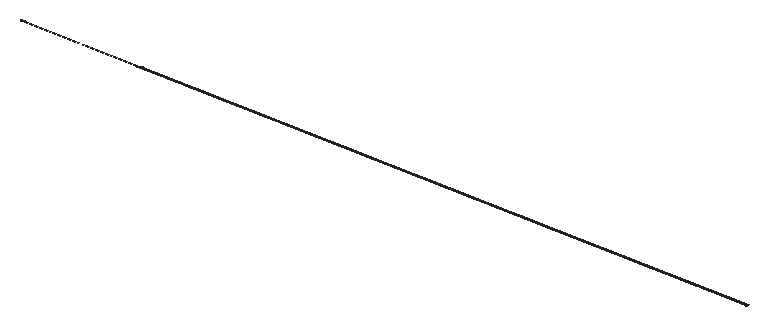
Revit family "Flex Pro IP20_0068175-78", category Lighting Fixtures, host Face, Revit 2017 (continued)
Forms (mm)
  Extrusion 145, solid
    sketch origin (1898.618, 0, 0) x (1, 0, 0) y (0, 1, 0)
      loop
        line (17.4, 1.5) -> (17.4, -1.5) -> (19.5, -1.5) -> (19.5, 1.5) -> (17.4, 1.5)
      loop
        line (34, 1.5) -> (34, -1.5) -> (36.1, -1.5) -> (36.1, 1.5) -> (34, 1.5)
      loop
        line (42.3, 1.5) -> (42.3, -1.5) -> (44.4, -1.5) -> (44.4, 1.5) -> (42.3, 1.5)
    from -1.2 to -0.5
  Extrusion 146, solid
    sketch origin (1948.582, 0, 0) x (1, 0, 0) y (0, 1, 0)
      loop
        line (9.1, 1.5) -> (9.1, -1.5) -> (11.2, -1.5) -> (11.2, 1.5) -> (9.1, 1.5)
      loop
        line (17.4, 1.5) -> (17.4, -1.5) -> (19.5, -1.5) -> (19.5, 1.5) -> (17.4, 1.5)
      loop
        line (34, 1.5) -> (34, -1.5) -> (36.1, -1.5) -> (36.1, 1.5) -> (34, 1.5)
      loop
        line (42.3, 1.5) -> (42.3, -1.5) -> (44.4, -1.5) -> (44.4, 1.5) -> (42.3, 1.5)
    from -1.2 to -0.5
  Extrusion 147, solid
    sketch origin (1998.545, 0, 0) x (1, 0, 0) y (0, 1, 0)
      loop
        line (9.1, 1.5) -> (9.1, -1.5) -> (11.2, -1.5) -> (11.2, 1.5) -> (9.1, 1.5)
      loop
        line (17.4, 1.5) -> (17.4, -1.5) -> (19.5, -1.5) -> (19.5, 1.5) -> (17.4, 1.5)
      loop
        line (34, 1.5) -> (34, -1.5) -> (36.1, -1.5) -> (36.1, 1.5) -> (34, 1.5)
      loop
        line (42.3, 1.5) -> (42.3, -1.5) -> (44.4, -1.5) -> (44.4, 1.5) -> (42.3, 1.5)
    from -1.2 to -0.5
  Extrusion 148, solid
    sketch origin (2048.509, 0, 0) x (1, 0, 0) y (0, 1, 0)
      loop
        line (9.1, 1.5) -> (9.1, -1.5) -> (11.2, -1.5) -> (11.2, 1.5) -> (9.1, 1.5)
      loop
        line (17.4, 1.5) -> (17.4, -1.5) -> (19.5, -1.5) -> (19.5, 1.5) -> (17.4, 1.5)
      loop
        line (34, 1.5) -> (34, -1.5) -> (36.1, -1.5) -> (36.1, 1.5) -> (34, 1.5)
      loop
        line (42.3, 1.5) -> (42.3, -1.5) -> (44.4, -1.5) -> (44.4, 1.5) -> (42.3, 1.5)
    from -1.2 to -0.5
  Extrusion 149, solid
    sketch origin (2098.473, 0, 0) x (1, 0, 0) y (0, 1, 0)
      loop
        line (9.1, 1.5) -> (9.1, -1.5) -> (11.2, -1.5) -> (11.2, 1.5) -> (9.1, 1.5)
      loop
        line (17.4, 1.5) -> (17.4, -1.5) -> (19.5, -1.5) -> (19.5, 1.5) -> (17.4, 1.5)
      loop
        line (34, 1.5) -> (34, -1.5) -> (36.1, -1.5) -> (36.1, 1.5) -> (34, 1.5)
      loop
        line (42.3, 1.5) -> (42.3, -1.5) -> (44.4, -1.5) -> (44.4, 1.5) -> (42.3, 1.5)
    from -1.2 to -0.5
  Extrusion 150, solid
    sketch origin (2148.436, 0, 0) x (1, 0, 0) y (0, 1, 0)
      loop
        line (9.1, 1.5) -> (9.1, -1.5) -> (11.2, -1.5) -> (11.2, 1.5) -> (9.1, 1.5)
      loop
        line (17.4, 1.5) -> (17.4, -1.5) -> (19.5, -1.5) -> (19.5, 1.5) -> (17.4, 1.5)
      loop
        line (34, 1.5) -> (34, -1.5) -> (36.1, -1.5) -> (36.1, 1.5) -> (34, 1.5)
      loop
        line (42.3, 1.5) -> (42.3, -1.5) -> (44.4, -1.5) -> (44.4, 1.5) -> (42.3, 1.5)
    from -1.2 to -0.5
  Extrusion 151, solid
    sketch origin (2198.4, 0, 0) x (1, 0, 0) y (0, 1, 0)
      loop
        line (9.1, 1.5) -> (9.1, -1.5) -> (11.2, -1.5) -> (11.2, 1.5) -> (9.1, 1.5)
      loop
        line (17.4, 1.5) -> (17.4, -1.5) -> (19.5, -1.5) -> (19.5, 1.5) -> (17.4, 1.5)
      loop
        line (34, 1.5) -> (34, -1.5) -> (36.1, -1.5) -> (36.1, 1.5) -> (34, 1.5)
      loop
        line (42.3, 1.5) -> (42.3, -1.5) -> (44.4, -1.5) -> (44.4, 1.5) -> (42.3, 1.5)
    from -1.2 to -0.5
  Extrusion 152, solid
    sketch origin (2248.364, 0, 0) x (1, 0, 0) y (0, 1, 0)
      loop
        line (9.1, 1.5) -> (9.1, -1.5) -> (11.2, -1.5) -> (11.2, 1.5) -> (9.1, 1.5)
      loop
        line (17.4, 1.5) -> (17.4, -1.5) -> (19.5, -1.5) -> (19.5, 1.5) -> (17.4, 1.5)
      loop
        line (34, 1.5) -> (34, -1.5) -> (36.1, -1.5) -> (36.1, 1.5) -> (34, 1.5)
      loop
        line (42.3, 1.5) -> (42.3, -1.5) -> (44.4, -1.5) -> (44.4, 1.5) -> (42.3, 1.5)
    from -1.2 to -0.5
  Extrusion 153, solid
    sketch origin (2298.327, 0, 0) x (1, 0, 0) y (0, 1, 0)
      loop
        line (9.1, 1.5) -> (9.1, -1.5) -> (11.2, -1.5) -> (11.2, 1.5) -> (9.1, 1.5)
      loop
        line (17.4, 1.5) -> (17.4, -1.5) -> (19.5, -1.5) -> (19.5, 1.5) -> (17.4, 1.5)
      loop
        line (34, 1.5) -> (34, -1.5) -> (36.1, -1.5) -> (36.1, 1.5) -> (34, 1.5)
      loop
        line (42.3, 1.5) -> (42.3, -1.5) -> (44.4, -1.5) -> (44.4, 1.5) -> (42.3, 1.5)
    from -1.2 to -0.5
  Extrusion 154, solid
    sketch origin (2348.291, 0, 0) x (1, 0, 0) y (0, 1, 0)
      loop
        line (9.1, 1.5) -> (9.1, -1.5) -> (11.2, -1.5) -> (11.2, 1.5) -> (9.1, 1.5)
      loop
        line (17.4, 1.5) -> (17.4, -1.5) -> (19.5, -1.5) -> (19.5, 1.5) -> (17.4, 1.5)
      loop
        line (34, 1.5) -> (34, -1.5) -> (36.1, -1.5) -> (36.1, 1.5) -> (34, 1.5)
      loop
        line (42.3, 1.5) -> (42.3, -1.5) -> (44.4, -1.5) -> (44.4, 1.5) -> (42.3, 1.5)
    from -1.2 to -0.5
  Extrusion 155, solid
    sketch origin (2398.255, 0, 0) x (1, 0, 0) y (0, 1, 0)
      loop
        line (9.1, 1.5) -> (9.1, -1.5) -> (11.2, -1.5) -> (11.2, 1.5) -> (9.1, 1.5)
      loop
        line (17.4, 1.5) -> (17.4, -1.5) -> (19.5, -1.5) -> (19.5, 1.5) -> (17.4, 1.5)
      loop
        line (34, 1.5) -> (34, -1.5) -> (36.1, -1.5) -> (36.1, 1.5) -> (34, 1.5)
      loop
        line (42.3, 1.5) -> (42.3, -1.5) -> (44.4, -1.5) -> (44.4, 1.5) -> (42.3, 1.5)
    from -1.2 to -0.5
  Extrusion 156, solid
    sketch origin (2448.218, 0, 0) x (1, 0, 0) y (0, 1, 0)
      loop
        line (9.1, 1.5) -> (9.1, -1.5) -> (11.2, -1.5) -> (11.2, 1.5) -> (9.1, 1.5)
      loop
        line (17.4, 1.5) -> (17.4, -1.5) -> (19.5, -1.5) -> (19.5, 1.5) -> (17.4, 1.5)
      loop
        line (34, 1.5) -> (34, -1.5) -> (36.1, -1.5) -> (36.1, 1.5) -> (34, 1.5)
      loop
        line (42.3, 1.5) -> (42.3, -1.5) -> (44.4, -1.5) -> (44.4, 1.5) -> (42.3, 1.5)
    from -1.2 to -0.5
  Extrusion 157, solid
    sketch origin (2498.182, 0, 0) x (1, 0, 0) y (0, 1, 0)
      loop
        line (9.1, 1.5) -> (9.1, -1.5) -> (11.2, -1.5) -> (11.2, 1.5) -> (9.1, 1.5)
      loop
        line (17.4, 1.5) -> (17.4, -1.5) -> (19.5, -1.5) -> (19.5, 1.5) -> (17.4, 1.5)
      loop
        line (34, 1.5) -> (34, -1.5) -> (36.1, -1.5) -> (36.1, 1.5) -> (34, 1.5)
      loop
        line (42.3, 1.5) -> (42.3, -1.5) -> (44.4, -1.5) -> (44.4, 1.5) -> (42.3, 1.5)
    from -1.2 to -0.5
  Extrusion 158, solid
    sketch origin (2548.145, 0, 0) x (1, 0, 0) y (0, 1, 0)
      loop
        line (9.1, 1.5) -> (9.1, -1.5) -> (11.2, -1.5) -> (11.2, 1.5) -> (9.1, 1.5)
      loop
        line (17.4, 1.5) -> (17.4, -1.5) -> (19.5, -1.5) -> (19.5, 1.5) -> (17.4, 1.5)
      loop
        line (34, 1.5) -> (34, -1.5) -> (36.1, -1.5) -> (36.1, 1.5) -> (34, 1.5)
      loop
        line (42.3, 1.5) -> (42.3, -1.5) -> (44.4, -1.5) -> (44.4, 1.5) -> (42.3, 1.5)
    from -1.2 to -0.5
  Extrusion 159, solid
    sketch origin (2598.109, 0, 0) x (1, 0, 0) y (0, 1, 0)
      loop
        line (9.1, 1.5) -> (9.1, -1.5) -> (11.2, -1.5) -> (11.2, 1.5) -> (9.1, 1.5)
      loop
        line (17.4, 1.5) -> (17.4, -1.5) -> (19.5, -1.5) -> (19.5, 1.5) -> (17.4, 1.5)
      loop
        line (34, 1.5) -> (34, -1.5) -> (36.1, -1.5) -> (36.1, 1.5) -> (34, 1.5)
      loop
        line (42.3, 1.5) -> (42.3, -1.5) -> (44.4, -1.5) -> (44.4, 1.5) -> (42.3, 1.5)
    from -1.2 to -0.5
  Extrusion 160, solid
    sketch origin (2648.073, 0, 0) x (1, 0, 0) y (0, 1, 0)
      loop
        line (9.1, 1.5) -> (9.1, -1.5) -> (11.2, -1.5) -> (11.2, 1.5) -> (9.1, 1.5)
      loop
        line (17.4, 1.5) -> (17.4, -1.5) -> (19.5, -1.5) -> (19.5, 1.5) -> (17.4, 1.5)
      loop
        line (34, 1.5) -> (34, -1.5) -> (36.1, -1.5) -> (36.1, 1.5) -> (34, 1.5)
      loop
        line (42.3, 1.5) -> (42.3, -1.5) -> (44.4, -1.5) -> (44.4, 1.5) -> (42.3, 1.5)
    from -1.2 to -0.5
  Extrusion 161, solid
    sketch origin (2698.036, 0, 0) x (1, 0, 0) y (0, 1, 0)
      loop
        line (9.1, 1.5) -> (9.1, -1.5) -> (11.2, -1.5) -> (11.2, 1.5) -> (9.1, 1.5)
      loop
        line (17.4, 1.5) -> (17.4, -1.5) -> (19.5, -1.5) -> (19.5, 1.5) -> (17.4, 1.5)
      loop
        line (34, 1.5) -> (34, -1.5) -> (36.1, -1.5) -> (36.1, 1.5) -> (34, 1.5)
      loop
        line (42.3, 1.5) -> (42.3, -1.5) -> (44.4, -1.5) -> (44.4, 1.5) -> (42.3, 1.5)
    from -1.2 to -0.5
  Extrusion 162, solid
    sketch origin (2748, 0, 0) x (1, 0, 0) y (0, 1, 0)
      loop
        line (9.1, 1.5) -> (9.1, -1.5) -> (11.2, -1.5) -> (11.2, 1.5) -> (9.1, 1.5)
      loop
        line (17.4, 1.5) -> (17.4, -1.5) -> (19.5, -1.5) -> (19.5, 1.5) -> (17.4, 1.5)
      loop
        line (34, 1.5) -> (34, -1.5) -> (36.1, -1.5) -> (36.1, 1.5) -> (34, 1.5)
      loop
        line (42.3, 1.5) -> (42.3, -1.5) -> (44.4, -1.5) -> (44.4, 1.5) -> (42.3, 1.5)
    from -1.2 to -0.5
  Extrusion 163, solid
    sketch origin (2797.964, 0, 0) x (1, 0, 0) y (0, 1, 0)
      loop
        line (9.1, 1.5) -> (9.1, -1.5) -> (11.2, -1.5) -> (11.2, 1.5) -> (9.1, 1.5)
      loop
        line (17.4, 1.5) -> (17.4, -1.5) -> (19.5, -1.5) -> (19.5, 1.5) -> (17.4, 1.5)
      loop
        line (34, 1.5) -> (34, -1.5) -> (36.1, -1.5) -> (36.1, 1.5) -> (34, 1.5)
      loop
        line (42.3, 1.5) -> (42.3, -1.5) -> (44.4, -1.5) -> (44.4, 1.5) -> (42.3, 1.5)
    from -1.2 to -0.5
  Extrusion 164, solid
    sketch origin (2847.927, 0, 0) x (1, 0, 0) y (0, 1, 0)
      loop
        line (9.1, 1.5) -> (9.1, -1.5) -> (11.2, -1.5) -> (11.2, 1.5) -> (9.1, 1.5)
      loop
        line (17.4, 1.5) -> (17.4, -1.5) -> (19.5, -1.5) -> (19.5, 1.5) -> (17.4, 1.5)
      loop
        line (34, 1.5) -> (34, -1.5) -> (36.1, -1.5) -> (36.1, 1.5) -> (34, 1.5)
      loop
        line (42.3, 1.5) -> (42.3, -1.5) -> (44.4, -1.5) -> (44.4, 1.5) -> (42.3, 1.5)
    from -1.2 to -0.5
  Extrusion 165, solid
    sketch origin (2897.891, 0, 0) x (1, 0, 0) y (0, 1, 0)
      loop
        line (9.1, 1.5) -> (9.1, -1.5) -> (11.2, -1.5) -> (11.2, 1.5) -> (9.1, 1.5)
      loop
        line (17.4, 1.5) -> (17.4, -1.5) -> (19.5, -1.5) -> (19.5, 1.5) -> (17.4, 1.5)
      loop
        line (34, 1.5) -> (34, -1.5) -> (36.1, -1.5) -> (36.1, 1.5) -> (34, 1.5)
      loop
        line (42.3, 1.5) -> (42.3, -1.5) -> (44.4, -1.5) -> (44.4, 1.5) -> (42.3, 1.5)
    from -1.2 to -0.5
  Extrusion 166, solid
    sketch origin (2947.855, 0, 0) x (1, 0, 0) y (0, 1, 0)
      loop
        line (9.1, 1.5) -> (9.1, -1.5) -> (11.2, -1.5) -> (11.2, 1.5) -> (9.1, 1.5)
      loop
        line (17.4, 1.5) -> (17.4, -1.5) -> (19.5, -1.5) -> (19.5, 1.5) -> (17.4, 1.5)
      loop
        line (34, 1.5) -> (34, -1.5) -> (36.1, -1.5) -> (36.1, 1.5) -> (34, 1.5)
      loop
        line (42.3, 1.5) -> (42.3, -1.5) -> (44.4, -1.5) -> (44.4, 1.5) -> (42.3, 1.5)
    from -1.2 to -0.5
  Extrusion 167, solid
    sketch origin (2997.818, 0, 0) x (1, 0, 0) y (0, 1, 0)
      loop
        line (9.1, 1.5) -> (9.1, -1.5) -> (11.2, -1.5) -> (11.2, 1.5) -> (9.1, 1.5)
      loop
        line (17.4, 1.5) -> (17.4, -1.5) -> (19.5, -1.5) -> (19.5, 1.5) -> (17.4, 1.5)
      loop
        line (34, 1.5) -> (34, -1.5) -> (36.1, -1.5) -> (36.1, 1.5) -> (34, 1.5)
      loop
        line (42.3, 1.5) -> (42.3, -1.5) -> (44.4, -1.5) -> (44.4, 1.5) -> (42.3, 1.5)
    from -1.2 to -0.5
  Extrusion 168, solid
    sketch origin (3047.782, 0, 0) x (1, 0, 0) y (0, 1, 0)
      loop
        line (9.1, 1.5) -> (9.1, -1.5) -> (11.2, -1.5) -> (11.2, 1.5) -> (9.1, 1.5)
      loop
        line (17.4, 1.5) -> (17.4, -1.5) -> (19.5, -1.5) -> (19.5, 1.5) -> (17.4, 1.5)
      loop
        line (34, 1.5) -> (34, -1.5) -> (36.1, -1.5) -> (36.1, 1.5) -> (34, 1.5)
      loop
        line (42.3, 1.5) -> (42.3, -1.5) -> (44.4, -1.5) -> (44.4, 1.5) -> (42.3, 1.5)
    from -1.2 to -0.5
  Extrusion 169, solid
    sketch origin (3097.745, 0, 0) x (1, 0, 0) y (0, 1, 0)
      loop
        line (9.1, 1.5) -> (9.1, -1.5) -> (11.2, -1.5) -> (11.2, 1.5) -> (9.1, 1.5)
      loop
        line (17.4, 1.5) -> (17.4, -1.5) -> (19.5, -1.5) -> (19.5, 1.5) -> (17.4, 1.5)
      loop
        line (34, 1.5) -> (34, -1.5) -> (36.1, -1.5) -> (36.1, 1.5) -> (34, 1.5)
      loop
        line (42.3, 1.5) -> (42.3, -1.5) -> (44.4, -1.5) -> (44.4, 1.5) -> (42.3, 1.5)
    from -1.2 to -0.5
  Extrusion 170, solid
    sketch origin (3147.709, 0, 0) x (1, 0, 0) y (0, 1, 0)
      loop
        line (9.1, 1.5) -> (9.1, -1.5) -> (11.2, -1.5) -> (11.2, 1.5) -> (9.1, 1.5)
      loop
        line (17.4, 1.5) -> (17.4, -1.5) -> (19.5, -1.5) -> (19.5, 1.5) -> (17.4, 1.5)
      loop
        line (34, 1.5) -> (34, -1.5) -> (36.1, -1.5) -> (36.1, 1.5) -> (34, 1.5)
      loop
        line (42.3, 1.5) -> (42.3, -1.5) -> (44.4, -1.5) -> (44.4, 1.5) -> (42.3, 1.5)
    from -1.2 to -0.5
  Extrusion 171, solid
    sketch origin (3197.673, 0, 0) x (1, 0, 0) y (0, 1, 0)
      loop
        line (9.1, 1.5) -> (9.1, -1.5) -> (11.2, -1.5) -> (11.2, 1.5) -> (9.1, 1.5)
      loop
        line (17.4, 1.5) -> (17.4, -1.5) -> (19.5, -1.5) -> (19.5, 1.5) -> (17.4, 1.5)
      loop
        line (34, 1.5) -> (34, -1.5) -> (36.1, -1.5) -> (36.1, 1.5) -> (34, 1.5)
      loop
        line (42.3, 1.5) -> (42.3, -1.5) -> (44.4, -1.5) -> (44.4, 1.5) -> (42.3, 1.5)
    from -1.2 to -0.5
  Extrusion 172, solid
    sketch origin (3247.636, 0, 0) x (1, 0, 0) y (0, 1, 0)
      loop
        line (9.1, 1.5) -> (9.1, -1.5) -> (11.2, -1.5) -> (11.2, 1.5) -> (9.1, 1.5)
      loop
        line (17.4, 1.5) -> (17.4, -1.5) -> (19.5, -1.5) -> (19.5, 1.5) -> (17.4, 1.5)
      loop
        line (34, 1.5) -> (34, -1.5) -> (36.1, -1.5) -> (36.1, 1.5) -> (34, 1.5)
      loop
        line (42.3, 1.5) -> (42.3, -1.5) -> (44.4, -1.5) -> (44.4, 1.5) -> (42.3, 1.5)
    from -1.2 to -0.5
  Extrusion 173, solid
    sketch origin (3297.6, 0, 0) x (1, 0, 0) y (0, 1, 0)
      loop
        line (9.1, 1.5) -> (9.1, -1.5) -> (11.2, -1.5) -> (11.2, 1.5) -> (9.1, 1.5)
      loop
        line (17.4, 1.5) -> (17.4, -1.5) -> (19.5, -1.5) -> (19.5, 1.5) -> (17.4, 1.5)
      loop
        line (34, 1.5) -> (34, -1.5) -> (36.1, -1.5) -> (36.1, 1.5) -> (34, 1.5)
      loop
        line (42.3, 1.5) -> (42.3, -1.5) -> (44.4, -1.5) -> (44.4, 1.5) -> (42.3, 1.5)
    from -1.2 to -0.5
  Extrusion 174, solid
    sketch origin (3347.564, 0, 0) x (1, 0, 0) y (0, 1, 0)
      loop
        line (9.1, 1.5) -> (9.1, -1.5) -> (11.2, -1.5) -> (11.2, 1.5) -> (9.1, 1.5)
      loop
        line (17.4, 1.5) -> (17.4, -1.5) -> (19.5, -1.5) -> (19.5, 1.5) -> (17.4, 1.5)
      loop
        line (34, 1.5) -> (34, -1.5) -> (36.1, -1.5) -> (36.1, 1.5) -> (34, 1.5)
      loop
        line (42.3, 1.5) -> (42.3, -1.5) -> (44.4, -1.5) -> (44.4, 1.5) -> (42.3, 1.5)
    from -1.2 to -0.5
  Extrusion 175, solid
    sketch origin (3397.527, 0, 0) x (1, 0, 0) y (0, 1, 0)
      loop
        line (9.1, 1.5) -> (9.1, -1.5) -> (11.2, -1.5) -> (11.2, 1.5) -> (9.1, 1.5)
      loop
        line (17.4, 1.5) -> (17.4, -1.5) -> (19.5, -1.5) -> (19.5, 1.5) -> (17.4, 1.5)
      loop
        line (34, 1.5) -> (34, -1.5) -> (36.1, -1.5) -> (36.1, 1.5) -> (34, 1.5)
      loop
        line (42.3, 1.5) -> (42.3, -1.5) -> (44.4, -1.5) -> (44.4, 1.5) -> (42.3, 1.5)
    from -1.2 to -0.5
  Extrusion 176, solid
    sketch origin (3447.491, 0, 0) x (1, 0, 0) y (0, 1, 0)
      loop
        line (9.1, 1.5) -> (9.1, -1.5) -> (11.2, -1.5) -> (11.2, 1.5) -> (9.1, 1.5)
      loop
        line (17.4, 1.5) -> (17.4, -1.5) -> (19.5, -1.5) -> (19.5, 1.5) -> (17.4, 1.5)
      loop
        line (34, 1.5) -> (34, -1.5) -> (36.1, -1.5) -> (36.1, 1.5) -> (34, 1.5)
      loop
        line (42.3, 1.5) -> (42.3, -1.5) -> (44.4, -1.5) -> (44.4, 1.5) -> (42.3, 1.5)
    from -1.2 to -0.5
  Extrusion 177, solid
    sketch origin (3497.455, 0, 0) x (1, 0, 0) y (0, 1, 0)
      loop
        line (9.1, 1.5) -> (9.1, -1.5) -> (11.2, -1.5) -> (11.2, 1.5) -> (9.1, 1.5)
      loop
        line (17.4, 1.5) -> (17.4, -1.5) -> (19.5, -1.5) -> (19.5, 1.5) -> (17.4, 1.5)
      loop
        line (34, 1.5) -> (34, -1.5) -> (36.1, -1.5) -> (36.1, 1.5) -> (34, 1.5)
      loop
        line (42.3, 1.5) -> (42.3, -1.5) -> (44.4, -1.5) -> (44.4, 1.5) -> (42.3, 1.5)
    from -1.2 to -0.5
  Extrusion 178, solid
    sketch origin (3547.418, 0, 0) x (1, 0, 0) y (0, 1, 0)
      loop
        line (9.1, 1.5) -> (9.1, -1.5) -> (11.2, -1.5) -> (11.2, 1.5) -> (9.1, 1.5)
      loop
        line (17.4, 1.5) -> (17.4, -1.5) -> (19.5, -1.5) -> (19.5, 1.5) -> (17.4, 1.5)
      loop
        line (34, 1.5) -> (34, -1.5) -> (36.1, -1.5) -> (36.1, 1.5) -> (34, 1.5)
      loop
        line (42.3, 1.5) -> (42.3, -1.5) -> (44.4, -1.5) -> (44.4, 1.5) -> (42.3, 1.5)
    from -1.2 to -0.5
  Extrusion 179, solid
    sketch origin (3597.382, 0, 0) x (1, 0, 0) y (0, 1, 0)
      loop
        line (9.1, 1.5) -> (9.1, -1.5) -> (11.2, -1.5) -> (11.2, 1.5) -> (9.1, 1.5)
      loop
        line (17.4, 1.5) -> (17.4, -1.5) -> (19.5, -1.5) -> (19.5, 1.5) -> (17.4, 1.5)
      loop
        line (34, 1.5) -> (34, -1.5) -> (36.1, -1.5) -> (36.1, 1.5) -> (34, 1.5)
      loop
        line (42.3, 1.5) -> (42.3, -1.5) -> (44.4, -1.5) -> (44.4, 1.5) -> (42.3, 1.5)
    from -1.2 to -0.5
  Extrusion 180, solid
    sketch origin (3647.345, 0, 0) x (1, 0, 0) y (0, 1, 0)
      loop
        line (9.1, 1.5) -> (9.1, -1.5) -> (11.2, -1.5) -> (11.2, 1.5) -> (9.1, 1.5)
      loop
        line (17.4, 1.5) -> (17.4, -1.5) -> (19.5, -1.5) -> (19.5, 1.5) -> (17.4, 1.5)
      loop
        line (34, 1.5) -> (34, -1.5) -> (36.1, -1.5) -> (36.1, 1.5) -> (34, 1.5)
      loop
        line (42.3, 1.5) -> (42.3, -1.5) -> (44.4, -1.5) -> (44.4, 1.5) -> (42.3, 1.5)
    from -1.2 to -0.5
  Extrusion 181, solid
    sketch origin (3697.309, 0, 0) x (1, 0, 0) y (0, 1, 0)
      loop
        line (9.1, 1.5) -> (9.1, -1.5) -> (11.2, -1.5) -> (11.2, 1.5) -> (9.1, 1.5)
      loop
        line (17.4, 1.5) -> (17.4, -1.5) -> (19.5, -1.5) -> (19.5, 1.5) -> (17.4, 1.5)
      loop
        line (34, 1.5) -> (34, -1.5) -> (36.1, -1.5) -> (36.1, 1.5) -> (34, 1.5)
      loop
        line (42.3, 1.5) -> (42.3, -1.5) -> (44.4, -1.5) -> (44.4, 1.5) -> (42.3, 1.5)
    from -1.2 to -0.5
  Extrusion 182, solid
    sketch origin (3747.273, 0, 0) x (1, 0, 0) y (0, 1, 0)
      loop
        line (9.1, 1.5) -> (9.1, -1.5) -> (11.2, -1.5) -> (11.2, 1.5) -> (9.1, 1.5)
      loop
        line (17.4, 1.5) -> (17.4, -1.5) -> (19.5, -1.5) -> (19.5, 1.5) -> (17.4, 1.5)
      loop
        line (34, 1.5) -> (34, -1.5) -> (36.1, -1.5) -> (36.1, 1.5) -> (34, 1.5)
      loop
        line (42.3, 1.5) -> (42.3, -1.5) -> (44.4, -1.5) -> (44.4, 1.5) -> (42.3, 1.5)
    from -1.2 to -0.5
  Extrusion 183, solid
    sketch origin (3797.236, 0, 0) x (1, 0, 0) y (0, 1, 0)
      loop
        line (9.1, 1.5) -> (9.1, -1.5) -> (11.2, -1.5) -> (11.2, 1.5) -> (9.1, 1.5)
      loop
        line (17.4, 1.5) -> (17.4, -1.5) -> (19.5, -1.5) -> (19.5, 1.5) -> (17.4, 1.5)
      loop
        line (34, 1.5) -> (34, -1.5) -> (36.1, -1.5) -> (36.1, 1.5) -> (34, 1.5)
      loop
        line (42.3, 1.5) -> (42.3, -1.5) -> (44.4, -1.5) -> (44.4, 1.5) -> (42.3, 1.5)
    from -1.2 to -0.5
  Extrusion 184, solid
    sketch origin (3847.2, 0, 0) x (1, 0, 0) y (0, 1, 0)
      loop
        line (9.1, 1.5) -> (9.1, -1.5) -> (11.2, -1.5) -> (11.2, 1.5) -> (9.1, 1.5)
      loop
        line (17.4, 1.5) -> (17.4, -1.5) -> (19.5, -1.5) -> (19.5, 1.5) -> (17.4, 1.5)
      loop
        line (34, 1.5) -> (34, -1.5) -> (36.1, -1.5) -> (36.1, 1.5) -> (34, 1.5)
      loop
        line (42.3, 1.5) -> (42.3, -1.5) -> (44.4, -1.5) -> (44.4, 1.5) -> (42.3, 1.5)
    from -1.2 to -0.5
  Extrusion 185, solid
    sketch origin (3897.164, 0, 0) x (1, 0, 0) y (0, 1, 0)
      loop
        line (9.1, 1.5) -> (9.1, -1.5) -> (11.2, -1.5) -> (11.2, 1.5) -> (9.1, 1.5)
      loop
        line (17.4, 1.5) -> (17.4, -1.5) -> (19.5, -1.5) -> (19.5, 1.5) -> (17.4, 1.5)
      loop
        line (34, 1.5) -> (34, -1.5) -> (36.1, -1.5) -> (36.1, 1.5) -> (34, 1.5)
      loop
        line (42.3, 1.5) -> (42.3, -1.5) -> (44.4, -1.5) -> (44.4, 1.5) -> (42.3, 1.5)
    from -1.2 to -0.5
  Extrusion 186, solid
    sketch origin (3947.127, 0, 0) x (1, 0, 0) y (0, 1, 0)
      loop
        line (9.1, 1.5) -> (9.1, -1.5) -> (11.2, -1.5) -> (11.2, 1.5) -> (9.1, 1.5)
      loop
        line (17.4, 1.5) -> (17.4, -1.5) -> (19.5, -1.5) -> (19.5, 1.5) -> (17.4, 1.5)
      loop
        line (34, 1.5) -> (34, -1.5) -> (36.1, -1.5) -> (36.1, 1.5) -> (34, 1.5)
      loop
        line (42.3, 1.5) -> (42.3, -1.5) -> (44.4, -1.5) -> (44.4, 1.5) -> (42.3, 1.5)
    from -1.2 to -0.5
  Extrusion 187, solid
    sketch origin (3997.091, 0, 0) x (1, 0, 0) y (0, 1, 0)
      loop
        line (9.1, 1.5) -> (9.1, -1.5) -> (11.2, -1.5) -> (11.2, 1.5) -> (9.1, 1.5)
      loop
        line (17.4, 1.5) -> (17.4, -1.5) -> (19.5, -1.5) -> (19.5, 1.5) -> (17.4, 1.5)
      loop
        line (34, 1.5) -> (34, -1.5) -> (36.1, -1.5) -> (36.1, 1.5) -> (34, 1.5)
      loop
        line (42.3, 1.5) -> (42.3, -1.5) -> (44.4, -1.5) -> (44.4, 1.5) -> (42.3, 1.5)
    from -1.2 to -0.5
  Extrusion 188, solid
    sketch origin (4047.055, 0, 0) x (1, 0, 0) y (0, 1, 0)
      loop
        line (9.1, 1.5) -> (9.1, -1.5) -> (11.2, -1.5) -> (11.2, 1.5) -> (9.1, 1.5)
      loop
        line (17.4, 1.5) -> (17.4, -1.5) -> (19.5, -1.5) -> (19.5, 1.5) -> (17.4, 1.5)
      loop
        line (34, 1.5) -> (34, -1.5) -> (36.1, -1.5) -> (36.1, 1.5) -> (34, 1.5)
      loop
        line (42.3, 1.5) -> (42.3, -1.5) -> (44.4, -1.5) -> (44.4, 1.5) -> (42.3, 1.5)
    from -1.2 to -0.5
  Extrusion 189, solid
    sketch origin (4097.018, 0, 0) x (1, 0, 0) y (0, 1, 0)
      loop
        line (9.1, 1.5) -> (9.1, -1.5) -> (11.2, -1.5) -> (11.2, 1.5) -> (9.1, 1.5)
      loop
        line (17.4, 1.5) -> (17.4, -1.5) -> (19.5, -1.5) -> (19.5, 1.5) -> (17.4, 1.5)
      loop
        line (34, 1.5) -> (34, -1.5) -> (36.1, -1.5) -> (36.1, 1.5) -> (34, 1.5)
      loop
        line (42.3, 1.5) -> (42.3, -1.5) -> (44.4, -1.5) -> (44.4, 1.5) -> (42.3, 1.5)
    from -1.2 to -0.5
  Extrusion 190, solid
    sketch origin (4146.982, 0, 0) x (1, 0, 0) y (0, 1, 0)
      loop
        line (9.1, 1.5) -> (9.1, -1.5) -> (11.2, -1.5) -> (11.2, 1.5) -> (9.1, 1.5)
      loop
        line (17.4, 1.5) -> (17.4, -1.5) -> (19.5, -1.5) -> (19.5, 1.5) -> (17.4, 1.5)
      loop
        line (34, 1.5) -> (34, -1.5) -> (36.1, -1.5) -> (36.1, 1.5) -> (34, 1.5)
      loop
        line (42.3, 1.5) -> (42.3, -1.5) -> (44.4, -1.5) -> (44.4, 1.5) -> (42.3, 1.5)
    from -1.2 to -0.5
  Extrusion 191, solid
    sketch origin (4196.945, 0, 0) x (1, 0, 0) y (0, 1, 0)
      loop
        line (9.1, 1.5) -> (9.1, -1.5) -> (11.2, -1.5) -> (11.2, 1.5) -> (9.1, 1.5)
      loop
        line (17.4, 1.5) -> (17.4, -1.5) -> (19.5, -1.5) -> (19.5, 1.5) -> (17.4, 1.5)
      loop
        line (34, 1.5) -> (34, -1.5) -> (36.1, -1.5) -> (36.1, 1.5) -> (34, 1.5)
      loop
        line (42.3, 1.5) -> (42.3, -1.5) -> (44.4, -1.5) -> (44.4, 1.5) -> (42.3, 1.5)
    from -1.2 to -0.5
  Extrusion 192, solid
    sketch origin (4246.909, 0, 0) x (1, 0, 0) y (0, 1, 0)
      loop
        line (9.1, 1.5) -> (9.1, -1.5) -> (11.2, -1.5) -> (11.2, 1.5) -> (9.1, 1.5)
      loop
        line (17.4, 1.5) -> (17.4, -1.5) -> (19.5, -1.5) -> (19.5, 1.5) -> (17.4, 1.5)
      loop
        line (34, 1.5) -> (34, -1.5) -> (36.1, -1.5) -> (36.1, 1.5) -> (34, 1.5)
      loop
        line (42.3, 1.5) -> (42.3, -1.5) -> (44.4, -1.5) -> (44.4, 1.5) -> (42.3, 1.5)
    from -1.2 to -0.5
  Extrusion 193, solid
    sketch origin (4296.873, 0, 0) x (1, 0, 0) y (0, 1, 0)
      loop
        line (9.1, 1.5) -> (9.1, -1.5) -> (11.2, -1.5) -> (11.2, 1.5) -> (9.1, 1.5)
      loop
        line (17.4, 1.5) -> (17.4, -1.5) -> (19.5, -1.5) -> (19.5, 1.5) -> (17.4, 1.5)
      loop
        line (34, 1.5) -> (34, -1.5) -> (36.1, -1.5) -> (36.1, 1.5) -> (34, 1.5)
      loop
        line (42.3, 1.5) -> (42.3, -1.5) -> (44.4, -1.5) -> (44.4, 1.5) -> (42.3, 1.5)
    from -1.2 to -0.5
  Extrusion 194, solid
    sketch origin (4346.836, 0, 0) x (1, 0, 0) y (0, 1, 0)
      loop
        line (9.1, 1.5) -> (9.1, -1.5) -> (11.2, -1.5) -> (11.2, 1.5) -> (9.1, 1.5)
      loop
        line (17.4, 1.5) -> (17.4, -1.5) -> (19.5, -1.5) -> (19.5, 1.5) -> (17.4, 1.5)
      loop
        line (34, 1.5) -> (34, -1.5) -> (36.1, -1.5) -> (36.1, 1.5) -> (34, 1.5)
      loop
        line (42.3, 1.5) -> (42.3, -1.5) -> (44.4, -1.5) -> (44.4, 1.5) -> (42.3, 1.5)
    from -1.2 to -0.5
  Extrusion 195, solid
    sketch origin (4396.8, 0, 0) x (1, 0, 0) y (0, 1, 0)
      loop
        line (9.1, 1.5) -> (9.1, -1.5) -> (11.2, -1.5) -> (11.2, 1.5) -> (9.1, 1.5)
      loop
        line (17.4, 1.5) -> (17.4, -1.5) -> (19.5, -1.5) -> (19.5, 1.5) -> (17.4, 1.5)
      loop
        line (34, 1.5) -> (34, -1.5) -> (36.1, -1.5) -> (36.1, 1.5) -> (34, 1.5)
      loop
        line (42.3, 1.5) -> (42.3, -1.5) -> (44.4, -1.5) -> (44.4, 1.5) -> (42.3, 1.5)
    from -1.2 to -0.5
  Extrusion 196, solid
    sketch origin (4446.764, 0, 0) x (1, 0, 0) y (0, 1, 0)
      loop
        line (9.1, 1.5) -> (9.1, -1.5) -> (11.2, -1.5) -> (11.2, 1.5) -> (9.1, 1.5)
      loop
        line (17.4, 1.5) -> (17.4, -1.5) -> (19.5, -1.5) -> (19.5, 1.5) -> (17.4, 1.5)
      loop
        line (34, 1.5) -> (34, -1.5) -> (36.1, -1.5) -> (36.1, 1.5) -> (34, 1.5)
      loop
        line (42.3, 1.5) -> (42.3, -1.5) -> (44.4, -1.5) -> (44.4, 1.5) -> (42.3, 1.5)
    from -1.2 to -0.5
  Extrusion 197, solid
    sketch origin (4496.727, 0, 0) x (1, 0, 0) y (0, 1, 0)
      loop
        line (9.1, 1.5) -> (9.1, -1.5) -> (11.2, -1.5) -> (11.2, 1.5) -> (9.1, 1.5)
      loop
        line (17.4, 1.5) -> (17.4, -1.5) -> (19.5, -1.5) -> (19.5, 1.5) -> (17.4, 1.5)
      loop
        line (34, 1.5) -> (34, -1.5) -> (36.1, -1.5) -> (36.1, 1.5) -> (34, 1.5)
      loop
        line (42.3, 1.5) -> (42.3, -1.5) -> (44.4, -1.5) -> (44.4, 1.5) -> (42.3, 1.5)
    from -1.2 to -0.5
  Extrusion 198, solid
    sketch origin (4546.691, 0, 0) x (1, 0, 0) y (0, 1, 0)
      loop
        line (9.1, 1.5) -> (9.1, -1.5) -> (11.2, -1.5) -> (11.2, 1.5) -> (9.1, 1.5)
      loop
        line (17.4, 1.5) -> (17.4, -1.5) -> (19.5, -1.5) -> (19.5, 1.5) -> (17.4, 1.5)
      loop
        line (34, 1.5) -> (34, -1.5) -> (36.1, -1.5) -> (36.1, 1.5) -> (34, 1.5)
      loop
        line (42.3, 1.5) -> (42.3, -1.5) -> (44.4, -1.5) -> (44.4, 1.5) -> (42.3, 1.5)
    from -1.2 to -0.5
  Extrusion 199, solid
    sketch origin (4596.655, 0, 0) x (1, 0, 0) y (0, 1, 0)
      loop
        line (9.1, 1.5) -> (9.1, -1.5) -> (11.2, -1.5) -> (11.2, 1.5) -> (9.1, 1.5)
      loop
        line (17.4, 1.5) -> (17.4, -1.5) -> (19.5, -1.5) -> (19.5, 1.5) -> (17.4, 1.5)
      loop
        line (34, 1.5) -> (34, -1.5) -> (36.1, -1.5) -> (36.1, 1.5) -> (34, 1.5)
      loop
        line (42.3, 1.5) -> (42.3, -1.5) -> (44.4, -1.5) -> (44.4, 1.5) -> (42.3, 1.5)
    from -1.2 to -0.5
  Extrusion 200, solid
    sketch origin (4646.618, 0, 0) x (1, 0, 0) y (0, 1, 0)
      loop
        line (9.1, 1.5) -> (9.1, -1.5) -> (11.2, -1.5) -> (11.2, 1.5) -> (9.1, 1.5)
      loop
        line (17.4, 1.5) -> (17.4, -1.5) -> (19.5, -1.5) -> (19.5, 1.5) -> (17.4, 1.5)
      loop
        line (34, 1.5) -> (34, -1.5) -> (36.1, -1.5) -> (36.1, 1.5) -> (34, 1.5)
      loop
        line (42.3, 1.5) -> (42.3, -1.5) -> (44.4, -1.5) -> (44.4, 1.5) -> (42.3, 1.5)
    from -1.2 to -0.5
  Extrusion 201, solid
    sketch origin (4696.582, 0, 0) x (1, 0, 0) y (0, 1, 0)
      loop
        line (9.1, 1.5) -> (9.1, -1.5) -> (11.2, -1.5) -> (11.2, 1.5) -> (9.1, 1.5)
      loop
        line (17.4, 1.5) -> (17.4, -1.5) -> (19.5, -1.5) -> (19.5, 1.5) -> (17.4, 1.5)
      loop
        line (34, 1.5) -> (34, -1.5) -> (36.1, -1.5) -> (36.1, 1.5) -> (34, 1.5)
      loop
        line (42.3, 1.5) -> (42.3, -1.5) -> (44.4, -1.5) -> (44.4, 1.5) -> (42.3, 1.5)
    from -1.2 to -0.5
  Extrusion 202, solid
    sketch origin (4746.545, 0, 0) x (1, 0, 0) y (0, 1, 0)
      loop
        line (9.1, 1.5) -> (9.1, -1.5) -> (11.2, -1.5) -> (11.2, 1.5) -> (9.1, 1.5)
      loop
        line (17.4, 1.5) -> (17.4, -1.5) -> (19.5, -1.5) -> (19.5, 1.5) -> (17.4, 1.5)
      loop
        line (34, 1.5) -> (34, -1.5) -> (36.1, -1.5) -> (36.1, 1.5) -> (34, 1.5)
      loop
        line (42.3, 1.5) -> (42.3, -1.5) -> (44.4, -1.5) -> (44.4, 1.5) -> (42.3, 1.5)
    from -1.2 to -0.5
  Extrusion 203, solid
    sketch origin (4796.509, 0, 0) x (1, 0, 0) y (0, 1, 0)
      loop
        line (9.1, 1.5) -> (9.1, -1.5) -> (11.2, -1.5) -> (11.2, 1.5) -> (9.1, 1.5)
      loop
        line (17.4, 1.5) -> (17.4, -1.5) -> (19.5, -1.5) -> (19.5, 1.5) -> (17.4, 1.5)
      loop
        line (34, 1.5) -> (34, -1.5) -> (36.1, -1.5) -> (36.1, 1.5) -> (34, 1.5)
      loop
        line (42.3, 1.5) -> (42.3, -1.5) -> (44.4, -1.5) -> (44.4, 1.5) -> (42.3, 1.5)
    from -1.2 to -0.5
  Extrusion 204, solid
    sketch origin (4846.473, 0, 0) x (1, 0, 0) y (0, 1, 0)
      loop
        line (9.1, 1.5) -> (9.1, -1.5) -> (11.2, -1.5) -> (11.2, 1.5) -> (9.1, 1.5)
      loop
        line (17.4, 1.5) -> (17.4, -1.5) -> (19.5, -1.5) -> (19.5, 1.5) -> (17.4, 1.5)
      loop
        line (34, 1.5) -> (34, -1.5) -> (36.1, -1.5) -> (36.1, 1.5) -> (34, 1.5)
      loop
        line (42.3, 1.5) -> (42.3, -1.5) -> (44.4, -1.5) -> (44.4, 1.5) -> (42.3, 1.5)
    from -1.2 to -0.5
  Extrusion 205, solid
    sketch origin (4896.436, 0, 0) x (1, 0, 0) y (0, 1, 0)
      loop
        line (9.1, 1.5) -> (9.1, -1.5) -> (11.2, -1.5) -> (11.2, 1.5) -> (9.1, 1.5)
      loop
        line (17.4, 1.5) -> (17.4, -1.5) -> (19.5, -1.5) -> (19.5, 1.5) -> (17.4, 1.5)
      loop
        line (34, 1.5) -> (34, -1.5) -> (36.1, -1.5) -> (36.1, 1.5) -> (34, 1.5)
      loop
        line (42.3, 1.5) -> (42.3, -1.5) -> (44.4, -1.5) -> (44.4, 1.5) -> (42.3, 1.5)
    from -1.2 to -0.5
Dimensions and locks
  "CABLE_LENGHT_SYL": plane 8 to plane 3 "Center (Left/Right)"
  "CABLE_FIX_SYL": plane 3 "Center (Left/Right)" to plane 7
  "LUM_WIDTH_SYL": plane 6 to plane 1 "Center (Front/Back)" to plane 5
  "CABLE_BLEND_SYL": plane 9 to plane 3 "Center (Left/Right)"
  "CABLE_END_SYL": plane 8 to plane 10
  "LUM_LENGHT_SYL": plane 3 "Center (Left/Right)" to plane 4
  "CABLE_DIST_SYL": plane 12 to plane 1 "Center (Front/Back)" to plane 11
  "CABLE_DIST2_SYL": plane 13 to plane 5
  "CABLE_DIST2_SYL": plane 6 to plane 14
  "LED_CH_S_WIDTH_SYL": plane 18 to plane 1 "Center (Front/Back)" to plane 17
  "LED_CH_L_WIDTH_SYL": plane 16 to plane 1 "Center (Front/Back)" to plane 15
  "PHOTOMETRY1_SYL": imposter light to plane 4
  "PHOTOMETRY2_SYL": imposter light to Extrusion 1
  "LED_CH_L_DIST1_SYL": plane 3 "Center (Left/Right)" to plane 19
  "LED_CH_L_DIST_SYL": plane 19 to plane 20 to plane 21 to plane 22 to plane 23 to plane 24
  "LED_CH_L_DEPTH_SYL": plane 26 to plane 19 to plane 25
  "LED_CH_L_DEPTH_SYL": plane 28 to plane 20 to plane 27
  "LED_CH_L_DEPTH_SYL": plane 30 to plane 21 to plane 29
  "LED_CH_L_DEPTH_SYL": plane 32 to plane 22 to plane 31
  "LED_CH_L_DEPTH_SYL": plane 33 to plane 23 to plane 34
  "LED_CH_L_DEPTH_SYL": plane 35 to plane 24 to plane 36
  "LED_CH_S_DEPTH1_SYL": plane 37 to plane 43
  "LED_CH_S_DEPTH1_SYL": plane 38 to plane 45
  "LED_CH_S_DEPTH1_SYL": plane 40 to plane 48
  "LED_CH_S_DEPTH1_SYL": plane 41 to plane 46
  "LED_CH_S_DEPTH2_SYL": plane 42 to plane 37
  "LED_CH_S_DEPTH2_SYL": plane 44 to plane 38
  "LED_CH_S_DEPTH2_SYL": plane 49 to plane 40
  "LED_CH_S_DEPTH2_SYL": plane 47 to plane 41
  equal spacing: group 1, group 3, group 4, group 5, group 6, group 7, group 8, group 9, group 10, group 11, group 12, group 13, group 14, group 15, group 16, group 17, group 18, group 19, group 20, group 21, group 22, group 23, group 24, group 25, group 26, group 27, group 28, group 29, group 30, group 31, group 32, group 33, group 34, group 35, group 36, group 37, group 38, group 39, group 40, group 41, group 42, group 43, group 44, group 45, group 46, group 47, group 48, group 49, group 50, group 51, group 52, group 53, group 54, group 55, group 56, group 57, group 58, group 59, group 60, group 61, group 62, group 63, group 64, group 65, group 66, group 67, group 68, group 69, group 70, group 71, group 72, group 73, group 74, group 75, group 76, group 77, group 78, group 79, group 80, group 81, group 82, group 83, group 84, group 85, group 86, group 87, group 88, group 89, group 90, group 91, group 92, group 93, group 94, group 95, group 96, group 97, group 98, group 99, group 100, group 2  (x3)
  equal spacing: group 101, group 103, group 104, group 105, group 106, group 107, group 108, group 109, group 110, group 111, group 112, group 113, group 114, group 115, group 116, group 117, group 118, group 119, group 120, group 121, group 122, group 123, group 124, group 125, group 126, group 127, group 128, group 129, group 130, group 131, group 132, group 133, group 134, group 135, group 136, group 137, group 138, group 139, group 140, group 141, group 142, group 143, group 144, group 145, group 146, group 147, group 148, group 149, group 150, group 151, group 152, group 153, group 154, group 155, group 156, group 157, group 158, group 159, group 160, group 161, group 162, group 163, group 164, group 165, group 166, group 167, group 168, group 169, group 170, group 171, group 172, group 173, group 174, group 175, group 176, group 177, group 178, group 179, group 180, group 181, group 182, group 183, group 184, group 185, group 186, group 187, group 188, group 189, group 190, group 191, group 192, group 193, group 194, group 195, group 196, group 197, group 198, group 199, group 200, group 102  (x3)
  aligned and locked: host face to plane 2
  aligned and locked: host face to level
  aligned and locked: Extrusion 1 sketch curve to plane 4
  aligned and locked: plane 3 "Center (Left/Right)" to Extrusion 1 sketch curve
  aligned and locked: Revolve 4 sketch curve to plane 11
  aligned and locked: Sweep 2 to Revolve 4 sketch curve
  aligned and locked: plane 8 to Revolve 4 sketch curve
  aligned and locked: Revolve 5 sketch curve to plane 12  (x2)
  aligned and locked: Revolve 5 sketch curve to Sweep 3
  aligned and locked: Revolve 5 sketch curve to plane 8
Automatic sketch dimensions
  plane 6 to Extrusion 1 sketch curve = 0 mm
  plane 5 to Extrusion 1 sketch curve = 0 mm
  Sweep 2 sketch curve to plane 10 = 0 mm
  Sweep 2 sketch curve to plane 9 = 0 mm
  Sweep 2 sketch curve to plane 3 "Center (Left/Right)" = 0 mm
  Sweep 2 sketch curve to plane 7 = 0 mm
  plane 11 to Sweep 2 sketch curve = 0 mm
  plane 13 to Sweep 2 sketch curve = 0 mm
  Sweep 3 sketch curve to plane 10 = 0 mm
  Sweep 3 sketch curve to plane 9 = 0 mm
  Sweep 3 sketch curve to plane 3 "Center (Left/Right)" = 0 mm
  Sweep 3 sketch curve to plane 7 = 0 mm
  plane 14 to Sweep 3 sketch curve = 0 mm
  plane 12 to Sweep 3 sketch curve = 0 mm
  level to Sweep 3 sketch curve = 0 mm
  Sweep 3 sketch curve to profile plane = 0 mm
  Sweep 2 sketch curve to level = 0 mm
  Sweep 2 sketch curve to profile plane = 0 mm
  host sketch curve to host sketch curve = 6451.645 mm
  host sketch curve to host sketch curve = 2438.4 mm
  plane 16 to Revolve 5 sketch curve = 0.723 mm
  Revolve 5 sketch curve to plane 8 = 1324 mm
  Revolve 4 sketch curve to plane 11 = 0 mm
  Revolve 4 sketch curve to plane 15 = 0.744 mm
  Revolve 4 sketch curve to plane 8 = 1324 mm
  plane 7 to Revolve 4 sketch curve = 1556.2 mm
  plane 7 to Revolve 5 sketch curve = 1556.2 mm
  Extrusion 6 sketch curve to Extrusion 6 sketch curve = 2.8 mm  (x6)
  Extrusion 6 sketch curve to Extrusion 6 sketch curve = 5.5 mm  (x5)
  Extrusion 6 sketch curve to Extrusion 6 sketch curve = 0 mm  (x5)
  Extrusion 6 sketch curve to Extrusion 6 sketch curve = 3.4 mm  (x6)
  Extrusion 8 sketch curve to Extrusion 8 sketch curve = 2.8 mm  (x6)
  Extrusion 8 sketch curve to Extrusion 8 sketch curve = 5.5 mm  (x5)
  Extrusion 8 sketch curve to Extrusion 8 sketch curve = 0 mm  (x5)
  Extrusion 8 sketch curve to Extrusion 8 sketch curve = 3.4 mm  (x6)
  Extrusion 9 sketch curve to Extrusion 9 sketch curve = 2.8 mm  (x6)
  Extrusion 9 sketch curve to Extrusion 9 sketch curve = 5.5 mm  (x5)
  Extrusion 9 sketch curve to Extrusion 9 sketch curve = 0 mm  (x5)
  Extrusion 9 sketch curve to Extrusion 9 sketch curve = 3.4 mm  (x6)
  Extrusion 10 sketch curve to Extrusion 10 sketch curve = 2.8 mm  (x6)
  Extrusion 10 sketch curve to Extrusion 10 sketch curve = 5.5 mm  (x5)
  Extrusion 10 sketch curve to Extrusion 10 sketch curve = 0 mm  (x5)
  Extrusion 10 sketch curve to Extrusion 10 sketch curve = 3.4 mm  (x6)
  Extrusion 11 sketch curve to Extrusion 11 sketch curve = 2.8 mm  (x6)
  Extrusion 11 sketch curve to Extrusion 11 sketch curve = 5.5 mm  (x5)
  Extrusion 11 sketch curve to Extrusion 11 sketch curve = 0 mm  (x5)
  Extrusion 11 sketch curve to Extrusion 11 sketch curve = 3.4 mm  (x6)
  Extrusion 12 sketch curve to Extrusion 12 sketch curve = 2.8 mm  (x6)
  Extrusion 12 sketch curve to Extrusion 12 sketch curve = 5.5 mm  (x5)
  Extrusion 12 sketch curve to Extrusion 12 sketch curve = 0 mm  (x5)
  Extrusion 12 sketch curve to Extrusion 12 sketch curve = 3.4 mm  (x6)
  Extrusion 13 sketch curve to Extrusion 13 sketch curve = 2.8 mm  (x6)
  Extrusion 13 sketch curve to Extrusion 13 sketch curve = 5.5 mm  (x5)
  Extrusion 13 sketch curve to Extrusion 13 sketch curve = 0 mm  (x5)
  Extrusion 13 sketch curve to Extrusion 13 sketch curve = 3.4 mm  (x6)
  Extrusion 14 sketch curve to Extrusion 14 sketch curve = 2.8 mm  (x6)
  Extrusion 14 sketch curve to Extrusion 14 sketch curve = 5.5 mm  (x5)
  Extrusion 14 sketch curve to Extrusion 14 sketch curve = 0 mm  (x5)
  Extrusion 14 sketch curve to Extrusion 14 sketch curve = 3.4 mm  (x6)
  Extrusion 15 sketch curve to Extrusion 15 sketch curve = 2.8 mm  (x6)
  Extrusion 15 sketch curve to Extrusion 15 sketch curve = 5.5 mm  (x5)
  Extrusion 15 sketch curve to Extrusion 15 sketch curve = 0 mm  (x5)
  Extrusion 15 sketch curve to Extrusion 15 sketch curve = 3.4 mm  (x6)
  Extrusion 16 sketch curve to Extrusion 16 sketch curve = 2.8 mm  (x6)
  Extrusion 16 sketch curve to Extrusion 16 sketch curve = 5.5 mm  (x5)
  Extrusion 16 sketch curve to Extrusion 16 sketch curve = 0 mm  (x5)
  Extrusion 16 sketch curve to Extrusion 16 sketch curve = 3.4 mm  (x6)
  Extrusion 17 sketch curve to Extrusion 17 sketch curve = 2.8 mm  (x6)
  Extrusion 17 sketch curve to Extrusion 17 sketch curve = 5.5 mm  (x5)
  Extrusion 17 sketch curve to Extrusion 17 sketch curve = 0 mm  (x5)
  Extrusion 17 sketch curve to Extrusion 17 sketch curve = 3.4 mm  (x6)
  Extrusion 18 sketch curve to Extrusion 18 sketch curve = 2.8 mm  (x6)
  Extrusion 18 sketch curve to Extrusion 18 sketch curve = 5.5 mm  (x5)
  Extrusion 18 sketch curve to Extrusion 18 sketch curve = 0 mm  (x5)
  Extrusion 18 sketch curve to Extrusion 18 sketch curve = 3.4 mm  (x6)
  Extrusion 19 sketch curve to Extrusion 19 sketch curve = 2.8 mm  (x6)
  Extrusion 19 sketch curve to Extrusion 19 sketch curve = 5.5 mm  (x5)
  Extrusion 19 sketch curve to Extrusion 19 sketch curve = 0 mm  (x5)
  Extrusion 19 sketch curve to Extrusion 19 sketch curve = 3.4 mm  (x6)
  Extrusion 20 sketch curve to Extrusion 20 sketch curve = 2.8 mm  (x6)
  Extrusion 20 sketch curve to Extrusion 20 sketch curve = 5.5 mm  (x5)
  Extrusion 20 sketch curve to Extrusion 20 sketch curve = 0 mm  (x5)
  Extrusion 20 sketch curve to Extrusion 20 sketch curve = 3.4 mm  (x6)
  Extrusion 21 sketch curve to Extrusion 21 sketch curve = 2.8 mm  (x6)
  Extrusion 21 sketch curve to Extrusion 21 sketch curve = 5.5 mm  (x5)
  Extrusion 21 sketch curve to Extrusion 21 sketch curve = 0 mm  (x5)
  Extrusion 21 sketch curve to Extrusion 21 sketch curve = 3.4 mm  (x6)
  Extrusion 22 sketch curve to Extrusion 22 sketch curve = 2.8 mm  (x6)
  Extrusion 22 sketch curve to Extrusion 22 sketch curve = 5.5 mm  (x5)
  Extrusion 22 sketch curve to Extrusion 22 sketch curve = 0 mm  (x5)
  Extrusion 22 sketch curve to Extrusion 22 sketch curve = 3.4 mm  (x6)
  Extrusion 23 sketch curve to Extrusion 23 sketch curve = 2.8 mm  (x6)
  Extrusion 23 sketch curve to Extrusion 23 sketch curve = 5.5 mm  (x5)
  Extrusion 23 sketch curve to Extrusion 23 sketch curve = 0 mm  (x5)
  Extrusion 23 sketch curve to Extrusion 23 sketch curve = 3.4 mm  (x6)
  Extrusion 24 sketch curve to Extrusion 24 sketch curve = 2.8 mm  (x6)
  Extrusion 24 sketch curve to Extrusion 24 sketch curve = 5.5 mm  (x5)
  Extrusion 24 sketch curve to Extrusion 24 sketch curve = 0 mm  (x5)
  Extrusion 24 sketch curve to Extrusion 24 sketch curve = 3.4 mm  (x6)
  Extrusion 25 sketch curve to Extrusion 25 sketch curve = 2.8 mm  (x6)
  Extrusion 25 sketch curve to Extrusion 25 sketch curve = 5.5 mm  (x5)
  Extrusion 25 sketch curve to Extrusion 25 sketch curve = 0 mm  (x5)
  Extrusion 25 sketch curve to Extrusion 25 sketch curve = 3.4 mm  (x6)
  Extrusion 26 sketch curve to Extrusion 26 sketch curve = 2.8 mm  (x6)
  Extrusion 26 sketch curve to Extrusion 26 sketch curve = 5.5 mm  (x5)
  Extrusion 26 sketch curve to Extrusion 26 sketch curve = 0 mm  (x5)
  Extrusion 26 sketch curve to Extrusion 26 sketch curve = 3.4 mm  (x6)
  Extrusion 27 sketch curve to Extrusion 27 sketch curve = 2.8 mm  (x6)
  Extrusion 27 sketch curve to Extrusion 27 sketch curve = 5.5 mm  (x5)
  Extrusion 27 sketch curve to Extrusion 27 sketch curve = 0 mm  (x5)
  Extrusion 27 sketch curve to Extrusion 27 sketch curve = 3.4 mm  (x6)
  Extrusion 28 sketch curve to Extrusion 28 sketch curve = 2.8 mm  (x6)
  Extrusion 28 sketch curve to Extrusion 28 sketch curve = 5.5 mm  (x5)
  Extrusion 28 sketch curve to Extrusion 28 sketch curve = 0 mm  (x5)
  Extrusion 28 sketch curve to Extrusion 28 sketch curve = 3.4 mm  (x6)
  Extrusion 29 sketch curve to Extrusion 29 sketch curve = 2.8 mm  (x6)
  Extrusion 29 sketch curve to Extrusion 29 sketch curve = 5.5 mm  (x5)
  Extrusion 29 sketch curve to Extrusion 29 sketch curve = 0 mm  (x5)
  Extrusion 29 sketch curve to Extrusion 29 sketch curve = 3.4 mm  (x6)
  Extrusion 30 sketch curve to Extrusion 30 sketch curve = 2.8 mm  (x6)
  Extrusion 30 sketch curve to Extrusion 30 sketch curve = 5.5 mm  (x5)
  Extrusion 30 sketch curve to Extrusion 30 sketch curve = 0 mm  (x5)
  Extrusion 30 sketch curve to Extrusion 30 sketch curve = 3.4 mm  (x6)
  Extrusion 31 sketch curve to Extrusion 31 sketch curve = 2.8 mm  (x6)
  Extrusion 31 sketch curve to Extrusion 31 sketch curve = 5.5 mm  (x5)
  Extrusion 31 sketch curve to Extrusion 31 sketch curve = 0 mm  (x5)
  Extrusion 31 sketch curve to Extrusion 31 sketch curve = 3.4 mm  (x6)
  Extrusion 32 sketch curve to Extrusion 32 sketch curve = 2.8 mm  (x6)
  Extrusion 32 sketch curve to Extrusion 32 sketch curve = 5.5 mm  (x5)
  Extrusion 32 sketch curve to Extrusion 32 sketch curve = 0 mm  (x5)
  Extrusion 32 sketch curve to Extrusion 32 sketch curve = 3.4 mm  (x6)
  Extrusion 33 sketch curve to Extrusion 33 sketch curve = 2.8 mm  (x6)
  Extrusion 33 sketch curve to Extrusion 33 sketch curve = 5.5 mm  (x5)
  Extrusion 33 sketch curve to Extrusion 33 sketch curve = 0 mm  (x5)
  Extrusion 33 sketch curve to Extrusion 33 sketch curve = 3.4 mm  (x6)
  Extrusion 34 sketch curve to Extrusion 34 sketch curve = 2.8 mm  (x6)
  Extrusion 34 sketch curve to Extrusion 34 sketch curve = 5.5 mm  (x5)
  Extrusion 34 sketch curve to Extrusion 34 sketch curve = 0 mm  (x5)
  Extrusion 34 sketch curve to Extrusion 34 sketch curve = 3.4 mm  (x6)
  Extrusion 35 sketch curve to Extrusion 35 sketch curve = 2.8 mm  (x6)
  Extrusion 35 sketch curve to Extrusion 35 sketch curve = 5.5 mm  (x5)
  Extrusion 35 sketch curve to Extrusion 35 sketch curve = 0 mm  (x5)
  Extrusion 35 sketch curve to Extrusion 35 sketch curve = 3.4 mm  (x6)
  Extrusion 36 sketch curve to Extrusion 36 sketch curve = 2.8 mm  (x6)
  Extrusion 36 sketch curve to Extrusion 36 sketch curve = 5.5 mm  (x5)
  Extrusion 36 sketch curve to Extrusion 36 sketch curve = 0 mm  (x5)
  Extrusion 36 sketch curve to Extrusion 36 sketch curve = 3.4 mm  (x6)
  Extrusion 37 sketch curve to Extrusion 37 sketch curve = 2.8 mm  (x6)
  Extrusion 37 sketch curve to Extrusion 37 sketch curve = 5.5 mm  (x5)
  Extrusion 37 sketch curve to Extrusion 37 sketch curve = 0 mm  (x5)
  Extrusion 37 sketch curve to Extrusion 37 sketch curve = 3.4 mm  (x6)
  Extrusion 38 sketch curve to Extrusion 38 sketch curve = 2.8 mm  (x6)
  Extrusion 38 sketch curve to Extrusion 38 sketch curve = 5.5 mm  (x5)
  Extrusion 38 sketch curve to Extrusion 38 sketch curve = 0 mm  (x5)
  Extrusion 38 sketch curve to Extrusion 38 sketch curve = 3.4 mm  (x6)
  Extrusion 39 sketch curve to Extrusion 39 sketch curve = 2.8 mm  (x6)
  Extrusion 39 sketch curve to Extrusion 39 sketch curve = 5.5 mm  (x5)
  Extrusion 39 sketch curve to Extrusion 39 sketch curve = 0 mm  (x5)
  Extrusion 39 sketch curve to Extrusion 39 sketch curve = 3.4 mm  (x6)
  Extrusion 40 sketch curve to Extrusion 40 sketch curve = 2.8 mm  (x6)
  Extrusion 40 sketch curve to Extrusion 40 sketch curve = 5.5 mm  (x5)
  Extrusion 40 sketch curve to Extrusion 40 sketch curve = 0 mm  (x5)
  Extrusion 40 sketch curve to Extrusion 40 sketch curve = 3.4 mm  (x6)
  Extrusion 41 sketch curve to Extrusion 41 sketch curve = 2.8 mm  (x6)
  Extrusion 41 sketch curve to Extrusion 41 sketch curve = 5.5 mm  (x5)
  Extrusion 41 sketch curve to Extrusion 41 sketch curve = 0 mm  (x5)
  Extrusion 41 sketch curve to Extrusion 41 sketch curve = 3.4 mm  (x6)
  Extrusion 42 sketch curve to Extrusion 42 sketch curve = 2.8 mm  (x6)
  Extrusion 42 sketch curve to Extrusion 42 sketch curve = 5.5 mm  (x5)
  Extrusion 42 sketch curve to Extrusion 42 sketch curve = 0 mm  (x5)
  Extrusion 42 sketch curve to Extrusion 42 sketch curve = 3.4 mm  (x6)
  Extrusion 43 sketch curve to Extrusion 43 sketch curve = 2.8 mm  (x6)
  Extrusion 43 sketch curve to Extrusion 43 sketch curve = 5.5 mm  (x5)
  Extrusion 43 sketch curve to Extrusion 43 sketch curve = 0 mm  (x5)
  Extrusion 43 sketch curve to Extrusion 43 sketch curve = 3.4 mm  (x6)
  Extrusion 44 sketch curve to Extrusion 44 sketch curve = 2.8 mm  (x6)
  Extrusion 44 sketch curve to Extrusion 44 sketch curve = 5.5 mm  (x5)
  Extrusion 44 sketch curve to Extrusion 44 sketch curve = 0 mm  (x5)
  Extrusion 44 sketch curve to Extrusion 44 sketch curve = 3.4 mm  (x6)
  Extrusion 45 sketch curve to Extrusion 45 sketch curve = 2.8 mm  (x6)
  Extrusion 45 sketch curve to Extrusion 45 sketch curve = 5.5 mm  (x5)
  Extrusion 45 sketch curve to Extrusion 45 sketch curve = 0 mm  (x5)
  Extrusion 45 sketch curve to Extrusion 45 sketch curve = 3.4 mm  (x6)
  Extrusion 46 sketch curve to Extrusion 46 sketch curve = 2.8 mm  (x6)
  Extrusion 46 sketch curve to Extrusion 46 sketch curve = 5.5 mm  (x5)
  Extrusion 46 sketch curve to Extrusion 46 sketch curve = 0 mm  (x5)
  Extrusion 46 sketch curve to Extrusion 46 sketch curve = 3.4 mm  (x6)
  Extrusion 47 sketch curve to Extrusion 47 sketch curve = 2.8 mm  (x6)
  Extrusion 47 sketch curve to Extrusion 47 sketch curve = 5.5 mm  (x5)
  Extrusion 47 sketch curve to Extrusion 47 sketch curve = 0 mm  (x5)
  Extrusion 47 sketch curve to Extrusion 47 sketch curve = 3.4 mm  (x6)
  Extrusion 48 sketch curve to Extrusion 48 sketch curve = 2.8 mm  (x6)
  Extrusion 48 sketch curve to Extrusion 48 sketch curve = 5.5 mm  (x5)
  Extrusion 48 sketch curve to Extrusion 48 sketch curve = 0 mm  (x5)
  Extrusion 48 sketch curve to Extrusion 48 sketch curve = 3.4 mm  (x6)
  Extrusion 49 sketch curve to Extrusion 49 sketch curve = 2.8 mm  (x6)
  Extrusion 49 sketch curve to Extrusion 49 sketch curve = 5.5 mm  (x5)
  Extrusion 49 sketch curve to Extrusion 49 sketch curve = 0 mm  (x5)
  Extrusion 49 sketch curve to Extrusion 49 sketch curve = 3.4 mm  (x6)
  Extrusion 50 sketch curve to Extrusion 50 sketch curve = 2.8 mm  (x6)
  Extrusion 50 sketch curve to Extrusion 50 sketch curve = 5.5 mm  (x5)
  Extrusion 50 sketch curve to Extrusion 50 sketch curve = 0 mm  (x5)
  Extrusion 50 sketch curve to Extrusion 50 sketch curve = 3.4 mm  (x6)
  Extrusion 51 sketch curve to Extrusion 51 sketch curve = 2.8 mm  (x6)
  Extrusion 51 sketch curve to Extrusion 51 sketch curve = 5.5 mm  (x5)
  Extrusion 51 sketch curve to Extrusion 51 sketch curve = 0 mm  (x5)
  Extrusion 51 sketch curve to Extrusion 51 sketch curve = 3.4 mm  (x6)
  Extrusion 52 sketch curve to Extrusion 52 sketch curve = 2.8 mm  (x6)
  Extrusion 52 sketch curve to Extrusion 52 sketch curve = 5.5 mm  (x5)
  Extrusion 52 sketch curve to Extrusion 52 sketch curve = 0 mm  (x5)
  Extrusion 52 sketch curve to Extrusion 52 sketch curve = 3.4 mm  (x6)
  Extrusion 53 sketch curve to Extrusion 53 sketch curve = 2.8 mm  (x6)
  Extrusion 53 sketch curve to Extrusion 53 sketch curve = 5.5 mm  (x5)
  Extrusion 53 sketch curve to Extrusion 53 sketch curve = 0 mm  (x5)
  Extrusion 53 sketch curve to Extrusion 53 sketch curve = 3.4 mm  (x6)
  Extrusion 54 sketch curve to Extrusion 54 sketch curve = 2.8 mm  (x6)
  Extrusion 54 sketch curve to Extrusion 54 sketch curve = 5.5 mm  (x5)
  Extrusion 54 sketch curve to Extrusion 54 sketch curve = 0 mm  (x5)
  Extrusion 54 sketch curve to Extrusion 54 sketch curve = 3.4 mm  (x6)
  Extrusion 55 sketch curve to Extrusion 55 sketch curve = 2.8 mm  (x6)
  Extrusion 55 sketch curve to Extrusion 55 sketch curve = 5.5 mm  (x5)
  Extrusion 55 sketch curve to Extrusion 55 sketch curve = 0 mm  (x5)
  Extrusion 55 sketch curve to Extrusion 55 sketch curve = 3.4 mm  (x6)
  Extrusion 56 sketch curve to Extrusion 56 sketch curve = 2.8 mm  (x6)
  Extrusion 56 sketch curve to Extrusion 56 sketch curve = 5.5 mm  (x5)
  Extrusion 56 sketch curve to Extrusion 56 sketch curve = 0 mm  (x5)
  Extrusion 56 sketch curve to Extrusion 56 sketch curve = 3.4 mm  (x6)
  Extrusion 57 sketch curve to Extrusion 57 sketch curve = 2.8 mm  (x6)
  Extrusion 57 sketch curve to Extrusion 57 sketch curve = 5.5 mm  (x5)
  Extrusion 57 sketch curve to Extrusion 57 sketch curve = 0 mm  (x5)
